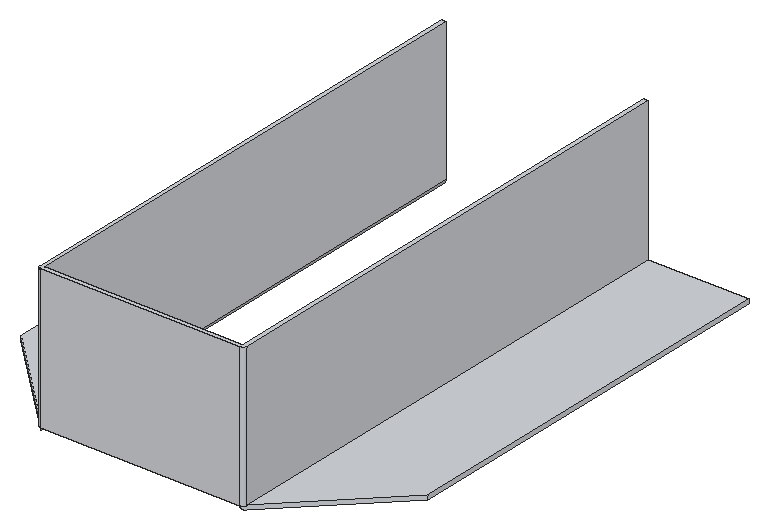
Revit family "JOMA_Balksko Special_50 ̸ 70", category Structural Connections, host Face, Revit 2012
Parameters (values of type "50/70")
  Y = 70 mm
  Typ 50 ̸ 70 = yes
  Typ = "TYP 50/70"
  Spikmönster [instance] = no
  Spik/skruv i sekundär [instance] = "ANKARSPIK 4,0x40"
  Spik/skruv i primär [instance] = "ANKARSPIK 4,0x60"
  Material = Varmförzinkad stålplåt
  Länk Joma Dimensioneringsverktyg = "http://www.joma.se/dimensioneringsverktyg"
  H500 = H500 : H500
  H480 = H480 : H480
  H460 = H460 : H460
  H440 = H440 : H440
  H420 = H420 : H420
  H400 = H400 : H400
  H380 = H380 : H380
  H360 = H360 : H360
  H340 = H340 : H340
  H320 = H320 : H320
  H300 = H300 : H300
  H280 = H280 : H280
  H260 = H260 : H260
  H240 = H240 : H240
  H220 = H220 : H220
  H200 = H200 : H200
  H180 = H180 : H180
  H160 = H160 : H160
  H140 = H140 : H140
  H120 = H120 : H120
  H [instance] = H240 : H240
  Default Elevation = 1219.2 mm
  X = 50 mm
  B [instance] = 95 mm
  Antal spik/skruv i sekundär [instance] = if(and(Typ 50 ̸ 70, Spikmönster, H = H500), 74, if(and(Typ 50 ̸ 70, Spikmönster, H = H480), 70, if(and(Typ 50 ̸ 70, Spikmönster, H = H460), 66, if(and(Typ 50 ̸ 70, Spikmönster, H = H440), 64, if(and(Typ 50 ̸ 70, Spikmönster, H = H420), 60, if(and(Typ 50 ̸ 70, Spikmönster, H = H400), 56, if(and(Typ 50 ̸ 70, Spikmönster, H = H380), 50, if(and(Typ 50 ̸ 70, Spikmönster, H = H360), 48, if(and(Typ 50 ̸ 70, Spikmönster, H = H340), 44, if(and(Typ 50 ̸ 70, Spikmönster, H = H320), 40, if(and(Typ 50 ̸ 70, Spikmönster, H = H300), 36, if(and(Typ 50 ̸ 70, Spikmönster, H = H280), 34, if(and(Typ 50 ̸ 70, Spikmönster, H = H260), 30, if(and(Typ 50 ̸ 70, Spikmönster, H = H240), 26, if(and(Typ 50 ̸ 70, Spikmönster, H = H220), 22, if(and(Typ 50 ̸ 70, Spikmönster, H = H200), 20, if(and(Typ 50 ̸ 70, Spikmönster, H = H180), 16, if(and(Typ 50 ̸ 70, Spikmönster, H = H160), 12, if(and(Typ 50 ̸ 70, Spikmönster, H = H140), 10, if(and(Typ 50 ̸ 70, Spikmönster, H = H120), 6, 0))))))))))))))))))))  # 0
  Antal spik/skruv i primär [instance] = if(and(Typ 50 ̸ 70, Spikmönster, H = H500), 90, if(and(Typ 50 ̸ 70, Spikmönster, H = H480), 86, if(and(Typ 50 ̸ 70, Spikmönster, H = H460), 82, if(and(Typ 50 ̸ 70, Spikmönster, H = H440), 78, if(and(Typ 50 ̸ 70, Spikmönster, H = H420), 74, if(and(Typ 50 ̸ 70, Spikmönster, H = H400), 70, if(and(Typ 50 ̸ 70, Spikmönster, H = H380), 66, if(and(Typ 50 ̸ 70, Spikmönster, H = H360), 62, if(and(Typ 50 ̸ 70, Spikmönster, H = H340), 58, if(and(Typ 50 ̸ 70, Spikmönster, H = H320), 54, if(and(Typ 50 ̸ 70, Spikmönster, H = H300), 50, if(and(Typ 50 ̸ 70, Spikmönster, H = H280), 46, if(and(Typ 50 ̸ 70, Spikmönster, H = H260), 42, if(and(Typ 50 ̸ 70, Spikmönster, H = H240), 38, if(and(Typ 50 ̸ 70, Spikmönster, H = H220), 34, if(and(Typ 50 ̸ 70, Spikmönster, H = H200), 30, if(and(Typ 50 ̸ 70, Spikmönster, H = H180), 26, if(and(Typ 50 ̸ 70, Spikmönster, H = H160), 22, if(and(Typ 50 ̸ 70, Spikmönster, H = H140), 18, if(and(Typ 50 ̸ 70, Spikmönster, H = H120), 14, 0))))))))))))))))))))  # 0
Reference planes
  plane 1 "Center (Front/Back)": y = 0
  plane 2: z = 0
  plane 3 "Center (Left/Right)": x = 0
  plane 4: x = -47.5
  plane 5: x = 47.5
  plane 6: x = -49.5
  plane 7: x = 49.5
  plane 8: y = 180
  plane 9: z = 2
  plane 10: y = -2
  plane 11: y = 48
  plane 12: x = 97.5
  plane 13: x = -97.5
  plane 14: z = 70
Dimensions and locks
  equal spacing: plane 4, plane 3 "Center (Left/Right)", plane 5
  "B": plane 4 to plane 5
  plane 6 to plane 4 = 2 mm
  plane 5 to plane 7 = 2 mm
  plane 9 to host face = 2 mm
  "X": plane 10 to plane 11
  "X": plane 5 to plane 12
  "X": plane 13 to plane 4
  "Y": plane 14 to host face
  locked: plane 10 to plane 1 "Center (Front/Back)" at 2
  plane 1 "Center (Front/Back)" to plane 8 = 180 mm
  nested 1 to plane 1 "Center (Front/Back)" = 240 mm
  aligned and locked: plane 2 to host face
  aligned and locked: level to host face
  aligned and locked: plane 10 to nested 1
  aligned and locked: plane 3 "Center (Left/Right)" to nested 1
Automatic sketch dimensions
  host sketch curve to host sketch curve = 2438.4 mm  (x2)
Nested families
  nested 1: "H240" at (0, 0, 0), type <- "H", B <- "B", Spikmönster <- "Spikmönster", type "H240"
    with Typ 50⁄70 Spikmönster no, Spikmönster no, H 240 mm, B 95 mm
Definition of nested family "H240"
  Parameters (values of type "H240")
    Y = 70 mm
    Typ 50⁄70 Spikmönster [instance] = and(Typ 50⁄70, Spikmönster)  # no
    Typ 50⁄70 = yes
    Spikmönster [instance] = no
    Länk Joma Dimensioneringsverktyg = "http://www.joma.se/dimensioneringsverktyg"
    H [instance] = 240 mm
    Default Elevation = 1219.2 mm
    X = 50 mm
    B [instance] = 120 mm
  Reference planes
    plane 1 "Center (Front/Back)": y = 0
    plane 2: z = 0
    plane 3 "Center (Left/Right)": x = 0
    plane 4: x = -60
    plane 5: x = 60
    plane 6: x = -62
    plane 7: x = 62
    plane 8: y = 240
    plane 9: z = 2
    plane 10: y = -2
    plane 11: y = 48
    plane 12: x = 110
    plane 13: x = -110
    plane 14: z = 70
  Forms (mm)
    Extrusion 1, solid
      sketch origin (0, 0, 0) x (1, 0, 0) y (0, 1, 0)
        loop
          line (-1219.2, 1219.2) -> (-1219.2, -1219.2) -> (1219.2, -1219.2) -> (1219.2, 1219.2) -> (-1219.2, 1219.2)
      from 0 to -304.8
    Extrusion 2, solid
      sketch origin (0, 0, 0) x (1, 0, 0) y (0, 1, 0)
        loop
          line (-60, 240) -> (-62, 240) -> (-62, 0)
          arc (-62, 0) -> (-61.414, -1.414) -> (-60, -2) r 2
          line (-60, -2) -> (60.004, -2)
          arc (60.004, -2) -> (61.415, -1.415) -> (62, -0.004) r 1.996
          line (62, -0.004) -> (62, 240) -> (60, 240) -> (60, 0) -> (-60, 0) -> (-60, 240)
      from 2 to 70
    Extrusion 3, solid
      sketch origin (0, 0, 0) x (1, 0, 0) y (0, 1, 0)
        loop
          line (60, 240) -> (60, -2) -> (110, -2) -> (110, 240) -> (60, 240)
      from 0 to 2
    Extrusion 4, void
      sketch origin (0, 0, 0) x (1, 0, 0) y (0, 1, 0)
        loop
          line (60, -2) -> (110, -2) -> (110, 48) -> (60, -2)
      from 0 to 2
    Extrusion 5, solid
      sketch origin (0, 0, 0) x (-1, 0, 0) y (0, -1, 0)
        loop
          line (60, -240) -> (110, -240) -> (110, 2) -> (60, 2) -> (60, -240)
      from 0 to 2
    Extrusion 6, void
      sketch origin (0, 0, 0) x (1, 0, 0) y (0, 1, 0)
        loop
          line (-60, -2) -> (-110, 48) -> (-110, -2) -> (-60, -2)
      from 0 to 250
    Extrusion 7, void
      sketch origin (0, 0, 0) x (1, 0, 0) y (0, 0, 1)
        loop
          arc (62, 0) -> (60.586, 0.586) -> (60, 2) r 2
          line (60, 2) -> (60, 0) -> (62, 0)
      from -240 to 2
    Extrusion 8, void
      sketch origin (0, 0, 0) x (1, 0, 0) y (0, 0, 1)
        loop
          arc (-60, 2) -> (-60.586, 0.586) -> (-62, 0) r 2
          line (-62, 0) -> (-60, 0) -> (-60, 2)
      from -240 to 2
  Cuts and joins
    Extrusion 4, Extrusion 7 cuts Extrusion 3
    Extrusion 6, Extrusion 8 cuts Extrusion 5
    joined: Extrusion 2, Extrusion 3, Extrusion 5
  Lines and regions (mm)
    symbolic lines, visible <- "Typ 50⁄70"
      curve 1: circle (-80, 230, 0) r 2.5 normal (0, 0, 1)
      curve 2: circle (-80, 210, 0) r 2.5 normal (0, 0, 1)
      curve 3: circle (-80, 190, 0) r 2.5 normal (0, 0, 1)
      curve 4: circle (-80, 170, 0) r 2.5 normal (0, 0, 1)
      curve 5: circle (-100, 220, 0) r 2.5 normal (0, 0, 1)
      curve 6: circle (-100, 200, 0) r 2.5 normal (0, 0, 1)
      curve 7: circle (-100, 180, 0) r 2.5 normal (0, 0, 1)
      curve 15: circle (-80, 150, 0) r 2.5 normal (0, 0, 1)
      curve 16: circle (-100, 160, 0) r 2.5 normal (0, 0, 1)
      curve 17: circle (-80, 130, 0) r 2.5 normal (0, 0, 1)
      curve 18: circle (-100, 140, 0) r 2.5 normal (0, 0, 1)
      curve 19: circle (-80, 110, 0) r 2.5 normal (0, 0, 1)
      curve 20: circle (-100, 120, 0) r 2.5 normal (0, 0, 1)
      curve 21: circle (-80, 90, 0) r 2.5 normal (0, 0, 1)
      curve 22: circle (-100, 100, 0) r 2.5 normal (0, 0, 1)
      curve 23: circle (-80, 70, 0) r 2.5 normal (0, 0, 1)
      curve 24: circle (-100, 80, 0) r 2.5 normal (0, 0, 1)
      curve 25: circle (-80, 50, 0) r 2.5 normal (0, 0, 1)
      curve 26: circle (-100, 60, 0) r 2.5 normal (0, 0, 1)
      curve 27: circle (-80, 30, 0) r 2.5 normal (0, 0, 1)
      curve 41: circle (80, 230, 0) r 2.5 normal (0, 0, -1)
      curve 42: circle (80, 210, 0) r 2.5 normal (0, 0, -1)
      curve 43: circle (80, 190, 0) r 2.5 normal (0, 0, -1)
      curve 44: circle (80, 170, 0) r 2.5 normal (0, 0, -1)
      curve 45: circle (100, 220, 0) r 2.5 normal (0, 0, -1)
      curve 46: circle (100, 200, 0) r 2.5 normal (0, 0, -1)
      curve 47: circle (100, 180, 0) r 2.5 normal (0, 0, -1)
      curve 48: circle (80, 150, 0) r 2.5 normal (0, 0, -1)
      curve 49: circle (100, 160, 0) r 2.5 normal (0, 0, -1)
      curve 50: circle (80, 130, 0) r 2.5 normal (0, 0, -1)
      curve 51: circle (100, 140, 0) r 2.5 normal (0, 0, -1)
      curve 52: circle (80, 110, 0) r 2.5 normal (0, 0, -1)
      curve 53: circle (100, 120, 0) r 2.5 normal (0, 0, -1)
      curve 54: circle (80, 90, 0) r 2.5 normal (0, 0, -1)
      curve 55: circle (100, 100, 0) r 2.5 normal (0, 0, -1)
      curve 56: circle (80, 70, 0) r 2.5 normal (0, 0, -1)
      curve 57: circle (100, 80, 0) r 2.5 normal (0, 0, -1)
      curve 58: circle (80, 50, 0) r 2.5 normal (0, 0, -1)
      curve 59: circle (100, 60, 0) r 2.5 normal (0, 0, -1)
      curve 60: circle (80, 30, 0) r 2.5 normal (0, 0, -1)
    symbolic lines, visible <- "Typ 50⁄70", not visible
      curve 8: circle (-80, 110, 0) r 2.5 normal (0, 0, 1)
      curve 9: circle (-80, 90, 0) r 2.5 normal (0, 0, 1)
      curve 10: circle (-80, 70, 0) r 2.5 normal (0, 0, 1)
      curve 11: circle (-80, 50, 0) r 2.5 normal (0, 0, 1)
      curve 12: circle (-100, 100, 0) r 2.5 normal (0, 0, 1)
      curve 13: circle (-100, 80, 0) r 2.5 normal (0, 0, 1)
      curve 14: circle (-100, 60, 0) r 2.5 normal (0, 0, 1)
      curve 28: circle (-80, 30, 0) r 2.5 normal (0, 0, 1)
      curve 29: circle (-100, 40, 0) r 2.5 normal (0, 0, 1)
      curve 30: circle (-80, 10, 0) r 2.5 normal (0, 0, 1)
      curve 31: circle (-100, 20, 0) r 2.5 normal (0, 0, 1)
      curve 32: circle (-80, -10, 0) r 2.5 normal (0, 0, 1)
      curve 33: circle (-100, 0, 0) r 2.5 normal (0, 0, 1)
      curve 34: circle (-80, -30, 0) r 2.5 normal (0, 0, 1)
      curve 35: circle (-100, -20, 0) r 2.5 normal (0, 0, 1)
      curve 36: circle (-80, -50, 0) r 2.5 normal (0, 0, 1)
      curve 37: circle (-100, -40, 0) r 2.5 normal (0, 0, 1)
      curve 38: circle (-80, -70, 0) r 2.5 normal (0, 0, 1)
      curve 39: circle (-100, -60, 0) r 2.5 normal (0, 0, 1)
      curve 40: circle (-80, -90, 0) r 2.5 normal (0, 0, 1)
      curve 61: circle (80, 490, 0) r 2.5 normal (0, 0, -1)
      curve 62: circle (80, 470, 0) r 2.5 normal (0, 0, -1)
      curve 63: circle (80, 450, 0) r 2.5 normal (0, 0, -1)
      curve 64: circle (80, 430, 0) r 2.5 normal (0, 0, -1)
      curve 65: circle (100, 480, 0) r 2.5 normal (0, 0, -1)
      curve 66: circle (100, 460, 0) r 2.5 normal (0, 0, -1)
      curve 67: circle (100, 440, 0) r 2.5 normal (0, 0, -1)
      curve 68: circle (80, 410, 0) r 2.5 normal (0, 0, -1)
      curve 69: circle (100, 420, 0) r 2.5 normal (0, 0, -1)
      curve 70: circle (80, 390, 0) r 2.5 normal (0, 0, -1)
      curve 71: circle (100, 400, 0) r 2.5 normal (0, 0, -1)
      curve 72: circle (80, 370, 0) r 2.5 normal (0, 0, -1)
      curve 73: circle (100, 380, 0) r 2.5 normal (0, 0, -1)
      curve 74: circle (80, 350, 0) r 2.5 normal (0, 0, -1)
      curve 75: circle (100, 360, 0) r 2.5 normal (0, 0, -1)
      curve 76: circle (80, 330, 0) r 2.5 normal (0, 0, -1)
      curve 77: circle (100, 340, 0) r 2.5 normal (0, 0, -1)
      curve 78: circle (80, 310, 0) r 2.5 normal (0, 0, -1)
      curve 79: circle (100, 320, 0) r 2.5 normal (0, 0, -1)
      curve 80: circle (80, 290, 0) r 2.5 normal (0, 0, -1)
    symbolic lines, style "StructConnections", visible <- "Typ 50⁄70"
      curve 81: circle (0, 230, 60) r 2.5 normal (1, 0, 0)
      curve 82: circle (0, 220, 40) r 2.5 normal (1, 0, 0)
      curve 83: circle (0, 210, 60) r 2.5 normal (1, 0, 0)
      curve 84: circle (0, 200, 40) r 2.5 normal (1, 0, 0)
      curve 85: circle (0, 190, 60) r 2.5 normal (1, 0, 0)
      curve 86: circle (0, 180, 40) r 2.5 normal (1, 0, 0)
      curve 87: circle (0, 170, 60) r 2.5 normal (1, 0, 0)
      curve 88: circle (0, 160, 40) r 2.5 normal (1, 0, 0)
      curve 89: circle (0, 150, 60) r 2.5 normal (1, 0, 0)
      curve 90: circle (0, 140, 40) r 2.5 normal (1, 0, 0)
      curve 91: circle (0, 130, 60) r 2.5 normal (1, 0, 0)
      curve 92: circle (0, 120, 40) r 2.5 normal (1, 0, 0)
      curve 93: circle (0, 110, 60) r 2.5 normal (1, 0, 0)
      curve 94: circle (0, 100, 40) r 2.5 normal (1, 0, 0)
      curve 95: circle (0, 90, 60) r 2.5 normal (1, 0, 0)
      curve 96: circle (0, 80, 40) r 2.5 normal (1, 0, 0)
      curve 97: circle (0, 70, 60) r 2.5 normal (1, 0, 0)
      curve 98: circle (0, 60, 40) r 2.5 normal (1, 0, 0)
      curve 99: circle (0, 50, 60) r 2.5 normal (1, 0, 0)
      curve 100: circle (0, 40, 40) r 2.5 normal (1, 0, 0)
      curve 101: circle (0, 30, 60) r 2.5 normal (1, 0, 0)
      curve 102: circle (0, 20, 40) r 2.5 normal (1, 0, 0)
      curve 103: circle (0, 10, 60) r 2.5 normal (1, 0, 0)
    symbolic lines, style "StructConnections", visible <- "Typ 50⁄70", not visible
      curve 104: circle (0, 490, 60) r 2.5 normal (1, 0, 0)
      curve 105: circle (0, 480, 40) r 2.5 normal (1, 0, 0)
      curve 106: circle (0, 470, 60) r 2.5 normal (1, 0, 0)
      curve 107: circle (0, 460, 40) r 2.5 normal (1, 0, 0)
      curve 108: circle (0, 450, 60) r 2.5 normal (1, 0, 0)
      curve 109: circle (0, 440, 40) r 2.5 normal (1, 0, 0)
      curve 110: circle (0, 430, 60) r 2.5 normal (1, 0, 0)
      curve 111: circle (0, 420, 40) r 2.5 normal (1, 0, 0)
      curve 112: circle (0, 410, 60) r 2.5 normal (1, 0, 0)
      curve 113: circle (0, 400, 40) r 2.5 normal (1, 0, 0)
      curve 114: circle (0, 390, 60) r 2.5 normal (1, 0, 0)
      curve 115: circle (0, 380, 40) r 2.5 normal (1, 0, 0)
      curve 116: circle (0, 370, 60) r 2.5 normal (1, 0, 0)
      curve 117: circle (0, 360, 40) r 2.5 normal (1, 0, 0)
      curve 118: circle (0, 350, 60) r 2.5 normal (1, 0, 0)
      curve 119: circle (0, 340, 40) r 2.5 normal (1, 0, 0)
      curve 120: circle (0, 330, 60) r 2.5 normal (1, 0, 0)
      curve 121: circle (0, 320, 40) r 2.5 normal (1, 0, 0)
      curve 122: circle (0, 310, 60) r 2.5 normal (1, 0, 0)
      curve 123: circle (0, 300, 40) r 2.5 normal (1, 0, 0)
      curve 124: circle (0, 290, 60) r 2.5 normal (1, 0, 0)
      curve 125: circle (0, 280, 40) r 2.5 normal (1, 0, 0)
      curve 126: circle (0, 270, 60) r 2.5 normal (1, 0, 0)
  Dimensions and locks
    equal spacing: plane 4, plane 3 "Center (Left/Right)", plane 5
    "B": plane 4 to plane 5
    plane 6 to plane 4 = 2 mm
    plane 5 to plane 7 = 2 mm
    plane 9 to Extrusion 1 = 2 mm
    "X": plane 10 to plane 11
    "X": plane 5 to plane 12
    "X": plane 13 to plane 4
    "Y": plane 14 to Extrusion 1
    locked: plane 10 to plane 1 "Center (Front/Back)" at 2
    "H": plane 1 "Center (Front/Back)" to plane 8
    locked: plane 13 to curve 5 at 10
    locked: plane 8 to curve 1 at 10
    locked: plane 8 to curve 41 at 10
    locked: curve 45 to plane 12 at 10
    locked: plane 14 to curve 81 at 10
    locked: plane 8 to curve 81 at 10
    aligned and locked: plane 2 to Extrusion 1
    aligned and locked: level to Extrusion 1
    aligned and locked: Extrusion 2 to plane 6
    aligned and locked: plane 8 to Extrusion 2  (x2)
    aligned and locked: plane 7 to Extrusion 2
    aligned and locked: Extrusion 2 to plane 5
    aligned and locked: Extrusion 2 to plane 1 "Center (Front/Back)"
    aligned and locked: plane 4 to Extrusion 2
    aligned and locked: Extrusion 7 to plane 5
    aligned and locked: Extrusion 7 to level
    aligned and locked: plane 8 to Extrusion 7
    aligned and locked: plane 10 to Extrusion 7
    aligned and locked: Extrusion 5 to Extrusion 6
    aligned and locked: plane 8 to Extrusion 5
    aligned and locked: plane 4 to Extrusion 5
    aligned and locked: plane 10 to Extrusion 5
    aligned and locked: plane 13 to Extrusion 6
    aligned and locked: plane 10 to Extrusion 6
    aligned and locked: plane 4 to Extrusion 8
    aligned and locked: Extrusion 8 to level
    aligned and locked: Extrusion 7 to plane 2
    aligned and locked: plane 8 to Extrusion 8
    aligned and locked: plane 10 to Extrusion 8
    aligned and locked: plane 14 to Extrusion 2
  Automatic sketch dimensions
    Extrusion 1 sketch curve to Extrusion 1 sketch curve = 2438.4 mm  (x2)
    curve 6 to curve 5 = 0 mm
    curve 7 to curve 6 = 0 mm
    curve 16 to curve 7 = 0 mm
    curve 18 to curve 16 = 0 mm
    curve 20 to curve 18 = 0 mm
    curve 22 to curve 20 = 0 mm
    curve 24 to curve 22 = 0 mm
    curve 26 to curve 24 = 0 mm
    curve 25 to curve 27 = 0 mm
    curve 23 to curve 25 = 0 mm
    curve 21 to curve 23 = 0 mm
    curve 19 to curve 21 = 0 mm
    curve 17 to curve 19 = 0 mm
    curve 15 to curve 17 = 0 mm
    curve 4 to curve 15 = 0 mm
    curve 3 to curve 4 = 0 mm
    curve 2 to curve 3 = 0 mm
    curve 1 to curve 2 = 0 mm
    curve 27 to curve 25 = 20 mm
    curve 25 to curve 23 = 20 mm
    curve 26 to curve 24 = 20 mm
    curve 23 to curve 21 = 20 mm
    curve 24 to curve 22 = 20 mm
    curve 21 to curve 19 = 20 mm
    curve 22 to curve 20 = 20 mm
    curve 19 to curve 17 = 20 mm
    curve 20 to curve 18 = 20 mm
    curve 17 to curve 15 = 20 mm
    curve 18 to curve 16 = 20 mm
    curve 15 to curve 4 = 20 mm
    curve 16 to curve 7 = 20 mm
    curve 4 to curve 3 = 20 mm
    curve 7 to curve 6 = 20 mm
    curve 3 to curve 2 = 20 mm
    curve 6 to curve 5 = 20 mm
    curve 2 to curve 1 = 20 mm
    curve 13 to curve 12 = 0 mm
    curve 14 to curve 13 = 0 mm
    curve 29 to curve 14 = 0 mm
    curve 31 to curve 29 = 0 mm
    curve 33 to curve 31 = 0 mm
    curve 35 to curve 33 = 0 mm
    curve 37 to curve 35 = 0 mm
    curve 39 to curve 37 = 0 mm
    curve 38 to curve 40 = 0 mm
    curve 36 to curve 38 = 0 mm
    curve 34 to curve 36 = 0 mm
    curve 32 to curve 34 = 0 mm
    curve 30 to curve 32 = 0 mm
    curve 28 to curve 30 = 0 mm
    curve 11 to curve 28 = 0 mm
    curve 10 to curve 11 = 0 mm
    curve 9 to curve 10 = 0 mm
    curve 8 to curve 9 = 0 mm
    curve 40 to curve 38 = 20 mm
    curve 38 to curve 36 = 20 mm
    curve 39 to curve 37 = 20 mm
    curve 36 to curve 34 = 20 mm
    curve 37 to curve 35 = 20 mm
    curve 34 to curve 32 = 20 mm
    curve 35 to curve 33 = 20 mm
    curve 32 to curve 30 = 20 mm
    curve 33 to curve 31 = 20 mm
    curve 30 to curve 28 = 20 mm
    curve 31 to curve 29 = 20 mm
    curve 28 to curve 11 = 20 mm
    curve 29 to curve 14 = 20 mm
    curve 11 to curve 10 = 20 mm
    curve 14 to curve 13 = 20 mm
    curve 10 to curve 9 = 20 mm
    curve 13 to curve 12 = 20 mm
    curve 9 to curve 8 = 20 mm
    curve 46 to curve 45 = 20 mm  (x3)
    curve 47 to curve 46 = 20 mm  (x3)
    curve 49 to curve 47 = 20 mm  (x3)
    curve 51 to curve 49 = 20 mm  (x3)
    curve 53 to curve 51 = 20 mm  (x3)
    curve 55 to curve 53 = 20 mm  (x3)
    curve 57 to curve 55 = 20 mm  (x3)
    curve 59 to curve 57 = 20 mm  (x3)
    curve 58 to curve 60 = 20 mm
    curve 56 to curve 58 = 20 mm
    curve 54 to curve 56 = 20 mm
    curve 52 to curve 54 = 20 mm
    curve 50 to curve 52 = 20 mm
    curve 48 to curve 50 = 20 mm
    curve 44 to curve 48 = 20 mm
    curve 43 to curve 44 = 20 mm
    curve 42 to curve 43 = 20 mm
    curve 41 to curve 42 = 20 mm
    curve 60 to curve 58 = 20 mm  (x2)
    curve 58 to curve 56 = 20 mm  (x2)
    curve 56 to curve 54 = 20 mm  (x2)
    curve 54 to curve 52 = 20 mm  (x2)
    curve 52 to curve 50 = 20 mm  (x2)
    curve 50 to curve 48 = 20 mm  (x2)
    curve 48 to curve 44 = 20 mm  (x2)
    curve 44 to curve 43 = 20 mm  (x2)
    curve 43 to curve 42 = 20 mm  (x2)
    curve 42 to curve 41 = 20 mm  (x2)
    curve 66 to curve 65 = 20 mm  (x3)
    curve 67 to curve 66 = 20 mm  (x3)
    curve 69 to curve 67 = 20 mm  (x3)
    curve 71 to curve 69 = 20 mm  (x3)
    curve 73 to curve 71 = 20 mm  (x3)
    curve 75 to curve 73 = 20 mm  (x3)
    curve 77 to curve 75 = 20 mm  (x3)
    curve 79 to curve 77 = 20 mm  (x3)
    curve 78 to curve 80 = 20 mm
    curve 76 to curve 78 = 20 mm
    curve 74 to curve 76 = 20 mm
    curve 72 to curve 74 = 20 mm
    curve 70 to curve 72 = 20 mm
    curve 68 to curve 70 = 20 mm
    curve 64 to curve 68 = 20 mm
    curve 63 to curve 64 = 20 mm
    curve 62 to curve 63 = 20 mm
    curve 61 to curve 62 = 20 mm
    curve 80 to curve 78 = 20 mm  (x2)
    curve 78 to curve 76 = 20 mm  (x2)
    curve 76 to curve 74 = 20 mm  (x2)
    curve 74 to curve 72 = 20 mm  (x2)
    curve 72 to curve 70 = 20 mm  (x2)
    curve 70 to curve 68 = 20 mm  (x2)
    curve 68 to curve 64 = 20 mm  (x2)
    curve 64 to curve 63 = 20 mm  (x2)
    curve 63 to curve 62 = 20 mm  (x2)
    curve 62 to curve 61 = 20 mm  (x2)
    plane 1 "Center (Front/Back)" to Extrusion 2 sketch curve = 0 mm  (x2)
    Extrusion 2 sketch curve to plane 6 = 0 mm
    Extrusion 2 sketch curve to plane 4 = 0 mm  (x2)
    Extrusion 2 sketch curve to plane 5 = 0 mm
    Extrusion 2 sketch curve to plane 7 = 0 mm
    Extrusion 2 sketch curve to plane 8 = 0 mm  (x2)
    plane 5 to Extrusion 2 sketch curve = 0.004 mm
    Extrusion 3 sketch curve to plane 5 = 0 mm
    plane 10 to Extrusion 3 sketch curve = 0 mm
    Extrusion 3 sketch curve to plane 12 = 0 mm
    Extrusion 3 sketch curve to plane 8 = 0 mm
    Extrusion 4 sketch curve to plane 5 = 0 mm
    plane 10 to Extrusion 4 sketch curve = 0 mm
    Extrusion 4 sketch curve to plane 12 = 0 mm
    plane 11 to Extrusion 4 sketch curve = 0 mm
    Extrusion 5 sketch curve to plane 4 = 0 mm
    plane 10 to Extrusion 5 sketch curve = 0 mm
    Extrusion 5 sketch curve to plane 13 = 0 mm
    Extrusion 5 sketch curve to plane 8 = 0 mm
    Extrusion 7 sketch curve to level = 0 mm
    Extrusion 7 sketch curve to plane 5 = 0 mm
    Extrusion 7 sketch curve to plane 7 = 0 mm
    Extrusion 8 sketch curve to plane 6 = 0 mm
    Extrusion 8 sketch curve to level = 0 mm
    Extrusion 8 sketch curve to plane 4 = 0 mm
    curve 42 to curve 41 = 0 mm
    curve 43 to curve 42 = 0 mm
    curve 44 to curve 43 = 0 mm
    curve 48 to curve 44 = 0 mm
    curve 50 to curve 48 = 0 mm
    curve 52 to curve 50 = 0 mm
    curve 54 to curve 52 = 0 mm
    curve 56 to curve 54 = 0 mm
    curve 58 to curve 56 = 0 mm
    curve 60 to curve 58 = 0 mm
    curve 57 to curve 59 = 0 mm
    curve 55 to curve 57 = 0 mm
    curve 53 to curve 55 = 0 mm
    curve 51 to curve 53 = 0 mm
    curve 49 to curve 51 = 0 mm
    curve 47 to curve 49 = 0 mm
    curve 46 to curve 47 = 0 mm
    curve 45 to curve 46 = 0 mm
    curve 62 to curve 61 = 0 mm
    curve 63 to curve 62 = 0 mm
    curve 64 to curve 63 = 0 mm
    curve 68 to curve 64 = 0 mm
    curve 70 to curve 68 = 0 mm
    curve 72 to curve 70 = 0 mm
    curve 74 to curve 72 = 0 mm
    curve 76 to curve 74 = 0 mm
    curve 78 to curve 76 = 0 mm
    curve 80 to curve 78 = 0 mm
    curve 77 to curve 79 = 0 mm
    curve 75 to curve 77 = 0 mm
    curve 73 to curve 75 = 0 mm
    curve 71 to curve 73 = 0 mm
    curve 69 to curve 71 = 0 mm
    curve 67 to curve 69 = 0 mm
    curve 66 to curve 67 = 0 mm
    curve 65 to curve 66 = 0 mm
    curve 20 to curve 17 = 20 mm
    curve 33 to curve 30 = 20 mm
    curve 26 to curve 23 = 10 mm
    curve 39 to curve 36 = 10 mm
    curve 44 to curve 49 = 20 mm
    curve 59 to curve 56 = 10 mm
    curve 64 to curve 69 = 20 mm
    curve 79 to curve 76 = 10 mm
    plane 11 to Extrusion 6 sketch curve = 0 mm
    Extrusion 6 sketch curve to plane 13 = 0 mm
    Extrusion 6 sketch curve to plane 4 = 0 mm
    plane 10 to Extrusion 6 sketch curve = 0 mm
    curve 83 to curve 81 = 20 mm
    curve 83 to curve 81 = 0 mm
    curve 85 to curve 83 = 20 mm
    curve 85 to curve 83 = 0 mm
    curve 87 to curve 85 = 20 mm
    curve 87 to curve 85 = 0 mm
    curve 89 to curve 87 = 20 mm
    curve 89 to curve 87 = 0 mm
    curve 91 to curve 89 = 20 mm
    curve 91 to curve 89 = 0 mm
    curve 93 to curve 91 = 20 mm
    curve 93 to curve 91 = 0 mm
    curve 95 to curve 93 = 20 mm
    curve 95 to curve 93 = 0 mm
    curve 97 to curve 95 = 20 mm
    curve 97 to curve 95 = 0 mm
    curve 99 to curve 97 = 20 mm
    curve 99 to curve 97 = 0 mm
    curve 101 to curve 99 = 20 mm
    curve 101 to curve 99 = 0 mm
    curve 103 to curve 101 = 20 mm
    curve 103 to curve 101 = 0 mm
    curve 103 to curve 102 = 10 mm
    curve 102 to curve 83 = 20 mm
    curve 102 to curve 100 = 20 mm
    curve 102 to curve 100 = 0 mm
    curve 100 to curve 98 = 20 mm
    curve 100 to curve 98 = 0 mm
    curve 98 to curve 96 = 20 mm
    curve 100 to curve 96 = 0 mm
    curve 96 to curve 94 = 20 mm
    curve 96 to curve 94 = 0 mm
    curve 94 to curve 92 = 20 mm
    curve 94 to curve 92 = 0 mm
    curve 92 to curve 90 = 20 mm
    curve 92 to curve 90 = 0 mm
    curve 90 to curve 88 = 20 mm
    curve 90 to curve 88 = 0 mm
    curve 88 to curve 86 = 20 mm
    curve 88 to curve 86 = 0 mm
    curve 86 to curve 84 = 20 mm
    curve 86 to curve 84 = 0 mm
    curve 84 to curve 82 = 20 mm
    curve 84 to curve 82 = 0 mm
    curve 106 to curve 104 = 20 mm
    curve 106 to curve 104 = 0 mm
    curve 108 to curve 106 = 20 mm
    curve 108 to curve 106 = 0 mm
    curve 110 to curve 108 = 20 mm
    curve 110 to curve 108 = 0 mm
    curve 112 to curve 110 = 20 mm
    curve 112 to curve 110 = 0 mm
    curve 114 to curve 112 = 20 mm
    curve 114 to curve 112 = 0 mm
    curve 116 to curve 114 = 20 mm
    curve 116 to curve 114 = 0 mm
    curve 118 to curve 116 = 20 mm
    curve 118 to curve 116 = 0 mm
    curve 120 to curve 118 = 20 mm
    curve 120 to curve 118 = 0 mm
    curve 122 to curve 120 = 20 mm
    curve 122 to curve 120 = 0 mm
    curve 124 to curve 122 = 20 mm
    curve 124 to curve 122 = 0 mm
    curve 126 to curve 124 = 20 mm
    curve 126 to curve 124 = 0 mm
    curve 126 to curve 125 = 10 mm
    curve 125 to curve 106 = 20 mm
    curve 125 to curve 123 = 20 mm
    curve 125 to curve 123 = 0 mm
    curve 123 to curve 121 = 20 mm
    curve 123 to curve 121 = 0 mm
    curve 121 to curve 119 = 20 mm
    curve 123 to curve 119 = 0 mm
    curve 119 to curve 117 = 20 mm
    curve 119 to curve 117 = 0 mm
    curve 117 to curve 115 = 20 mm
    curve 117 to curve 115 = 0 mm
    curve 115 to curve 113 = 20 mm
    curve 115 to curve 113 = 0 mm
    curve 113 to curve 111 = 20 mm
    curve 113 to curve 111 = 0 mm
    curve 111 to curve 109 = 20 mm
    curve 111 to curve 109 = 0 mm
    curve 109 to curve 107 = 20 mm
    curve 109 to curve 107 = 0 mm
    curve 107 to curve 105 = 20 mm
    curve 107 to curve 105 = 0 mm
    radius of curve 1 = 2.5 mm
    radius of curve 2 = 2.5 mm
    radius of curve 3 = 2.5 mm
    radius of curve 4 = 2.5 mm
    radius of curve 5 = 2.5 mm
    radius of curve 6 = 2.5 mm
    radius of curve 7 = 2.5 mm
    radius of curve 15 = 2.5 mm
    radius of curve 16 = 2.5 mm
    radius of curve 17 = 2.5 mm
    radius of curve 18 = 2.5 mm
    radius of curve 19 = 2.5 mm
    radius of curve 20 = 2.5 mm
    radius of curve 21 = 2.5 mm
    radius of curve 22 = 2.5 mm
    radius of curve 23 = 2.5 mm
    radius of curve 24 = 2.5 mm
    radius of curve 25 = 2.5 mm
    radius of curve 26 = 2.5 mm
    radius of curve 27 = 2.5 mm
    radius of curve 8 = 2.5 mm
    radius of curve 9 = 2.5 mm
    radius of curve 10 = 2.5 mm
    radius of curve 11 = 2.5 mm
    radius of curve 12 = 2.5 mm
    radius of curve 13 = 2.5 mm
    radius of curve 14 = 2.5 mm
    radius of curve 28 = 2.5 mm
    radius of curve 29 = 2.5 mm
    radius of curve 30 = 2.5 mm
    radius of curve 31 = 2.5 mm
    radius of curve 32 = 2.5 mm
    radius of curve 33 = 2.5 mm
    radius of curve 34 = 2.5 mm
    radius of curve 35 = 2.5 mm
    radius of curve 36 = 2.5 mm
    radius of curve 37 = 2.5 mm
    radius of curve 38 = 2.5 mm
    radius of curve 39 = 2.5 mm
    radius of curve 40 = 2.5 mm
    radius of curve 41 = 2.5 mm  (x2)
    radius of curve 42 = 2.5 mm  (x2)
    radius of curve 43 = 2.5 mm  (x2)
    radius of curve 44 = 2.5 mm  (x2)
    radius of curve 45 = 2.5 mm  (x2)
    radius of curve 46 = 2.5 mm  (x2)
    radius of curve 47 = 2.5 mm  (x2)
    radius of curve 48 = 2.5 mm  (x2)
    radius of curve 49 = 2.5 mm  (x2)
    radius of curve 50 = 2.5 mm  (x2)
    radius of curve 51 = 2.5 mm  (x2)
    radius of curve 52 = 2.5 mm  (x2)
    radius of curve 53 = 2.5 mm  (x2)
    radius of curve 54 = 2.5 mm  (x2)
    radius of curve 55 = 2.5 mm  (x2)
    radius of curve 56 = 2.5 mm  (x2)
    radius of curve 57 = 2.5 mm  (x2)
    radius of curve 58 = 2.5 mm  (x2)
    radius of curve 59 = 2.5 mm  (x2)
    radius of curve 60 = 2.5 mm  (x2)
    radius of curve 61 = 2.5 mm  (x2)
    radius of curve 62 = 2.5 mm  (x2)
    radius of curve 63 = 2.5 mm  (x2)
    radius of curve 64 = 2.5 mm  (x2)
    radius of curve 65 = 2.5 mm  (x2)
    radius of curve 66 = 2.5 mm  (x2)
    radius of curve 67 = 2.5 mm  (x2)
    radius of curve 68 = 2.5 mm  (x2)
    radius of curve 69 = 2.5 mm  (x2)
    radius of curve 70 = 2.5 mm  (x2)
    radius of curve 71 = 2.5 mm  (x2)
    radius of curve 72 = 2.5 mm  (x2)
    radius of curve 73 = 2.5 mm  (x2)
    radius of curve 74 = 2.5 mm  (x2)
    radius of curve 75 = 2.5 mm  (x2)
    radius of curve 76 = 2.5 mm  (x2)
    radius of curve 77 = 2.5 mm  (x2)
    radius of curve 78 = 2.5 mm  (x2)
    radius of curve 79 = 2.5 mm  (x2)
    radius of curve 80 = 2.5 mm  (x2)
    radius of curve 81 = 2.5 mm
    radius of curve 83 = 2.5 mm
    radius of curve 85 = 2.5 mm
    radius of curve 87 = 2.5 mm
    radius of curve 89 = 2.5 mm
    radius of curve 91 = 2.5 mm
    radius of curve 93 = 2.5 mm
    radius of curve 95 = 2.5 mm
    radius of curve 97 = 2.5 mm
    radius of curve 99 = 2.5 mm
    radius of curve 101 = 2.5 mm
    radius of curve 103 = 2.5 mm
    radius of curve 102 = 2.5 mm
    radius of curve 100 = 2.5 mm
    radius of curve 98 = 2.5 mm
    radius of curve 96 = 2.5 mm
    radius of curve 94 = 2.5 mm
    radius of curve 92 = 2.5 mm
    radius of curve 90 = 2.5 mm
    radius of curve 88 = 2.5 mm
    radius of curve 86 = 2.5 mm
    radius of curve 84 = 2.5 mm
    radius of curve 82 = 2.5 mm
    radius of curve 104 = 2.5 mm
    radius of curve 106 = 2.5 mm
    radius of curve 108 = 2.5 mm
    radius of curve 110 = 2.5 mm
    radius of curve 112 = 2.5 mm
    radius of curve 114 = 2.5 mm
    radius of curve 116 = 2.5 mm
    radius of curve 118 = 2.5 mm
    radius of curve 120 = 2.5 mm
    radius of curve 122 = 2.5 mm
    radius of curve 124 = 2.5 mm
    radius of curve 126 = 2.5 mm
    radius of curve 125 = 2.5 mm
    radius of curve 123 = 2.5 mm
    radius of curve 121 = 2.5 mm
    radius of curve 119 = 2.5 mm
    radius of curve 117 = 2.5 mm
    radius of curve 115 = 2.5 mm
    radius of curve 113 = 2.5 mm
    radius of curve 111 = 2.5 mm
    radius of curve 109 = 2.5 mm
    radius of curve 107 = 2.5 mm
    radius of curve 105 = 2.5 mm
  Nested families
    nested 1: "Spikmönster" at (-100, 220, 0), visible <- "Typ 50⁄70 Spikmönster", type "Ø5"
    nested 2: "Spikmönster" at (-80, 230, 0), visible <- "Typ 50⁄70 Spikmönster", type "Ø5"
    nested 3: "Spikmönster" at (-80, 210, 0), visible <- "Typ 50⁄70 Spikmönster", type "Ø5"
    nested 4: "Spikmönster" at (-100, 200, 0), visible <- "Typ 50⁄70 Spikmönster", type "Ø5"
    nested 5: "Spikmönster" at (-80, 190, 0), visible <- "Typ 50⁄70 Spikmönster", type "Ø5"
    nested 6: "Spikmönster" at (-80, 170, 0), visible <- "Typ 50⁄70 Spikmönster", type "Ø5"
    nested 7: "Spikmönster" at (-100, 180, 0), visible <- "Typ 50⁄70 Spikmönster", type "Ø5"
    nested 8: "Spikmönster" at (-100, 100, 0), visible <- "Typ 50⁄70 Spikmönster", type "Ø5", not visible
    nested 9: "Spikmönster" at (-80, 110, 0), visible <- "Typ 50⁄70 Spikmönster", type "Ø5", not visible
    nested 10: "Spikmönster" at (-80, 90, 0), visible <- "Typ 50⁄70 Spikmönster", type "Ø5", not visible
    nested 11: "Spikmönster" at (-100, 80, 0), visible <- "Typ 50⁄70 Spikmönster", type "Ø5", not visible
    nested 12: "Spikmönster" at (-80, 70, 0), visible <- "Typ 50⁄70 Spikmönster", type "Ø5", not visible
    nested 13: "Spikmönster" at (-80, 50, 0), visible <- "Typ 50⁄70 Spikmönster", type "Ø5", not visible
    nested 14: "Spikmönster" at (-100, 60, 0), visible <- "Typ 50⁄70 Spikmönster", type "Ø5", not visible
    nested 15: "Spikmönster" at (-80, 150, 0), visible <- "Typ 50⁄70 Spikmönster", type "Ø5"
    nested 16: "Spikmönster" at (-100, 160, 0), visible <- "Typ 50⁄70 Spikmönster", type "Ø5"
    nested 17: "Spikmönster" at (-80, 130, 0), visible <- "Typ 50⁄70 Spikmönster", type "Ø5"
    nested 18: "Spikmönster" at (-100, 140, 0), visible <- "Typ 50⁄70 Spikmönster", type "Ø5"
    nested 19: "Spikmönster" at (-80, 110, 0), visible <- "Typ 50⁄70 Spikmönster", type "Ø5"
    nested 20: "Spikmönster" at (-100, 120, 0), visible <- "Typ 50⁄70 Spikmönster", type "Ø5"
    nested 21: "Spikmönster" at (-80, 90, 0), visible <- "Typ 50⁄70 Spikmönster", type "Ø5"
    nested 22: "Spikmönster" at (-100, 100, 0), visible <- "Typ 50⁄70 Spikmönster", type "Ø5"
    nested 23: "Spikmönster" at (-80, 70, 0), visible <- "Typ 50⁄70 Spikmönster", type "Ø5"
    nested 24: "Spikmönster" at (-100, 80, 0), visible <- "Typ 50⁄70 Spikmönster", type "Ø5"
    nested 25: "Spikmönster" at (-80, 50, 0), visible <- "Typ 50⁄70 Spikmönster", type "Ø5"
    nested 26: "Spikmönster" at (-100, 60, 0), visible <- "Typ 50⁄70 Spikmönster", type "Ø5"
    nested 27: "Spikmönster" at (-80, 30, 0), visible <- "Typ 50⁄70 Spikmönster", type "Ø5", not visible
    nested 28: "Spikmönster" at (-100, 40, 0), visible <- "Typ 50⁄70 Spikmönster", type "Ø5", not visible
    nested 29: "Spikmönster" at (-80, 10, 0), visible <- "Typ 50⁄70 Spikmönster", type "Ø5", not visible
    nested 30: "Spikmönster" at (-100, 20, 0), visible <- "Typ 50⁄70 Spikmönster", type "Ø5", not visible
    nested 31: "Spikmönster" at (-80, -10, 0), visible <- "Typ 50⁄70 Spikmönster", type "Ø5", not visible
    nested 32: "Spikmönster" at (-100, 0, 0), visible <- "Typ 50⁄70 Spikmönster", type "Ø5", not visible
    nested 33: "Spikmönster" at (-80, -30, 0), visible <- "Typ 50⁄70 Spikmönster", type "Ø5", not visible
    nested 34: "Spikmönster" at (-100, -20, 0), visible <- "Typ 50⁄70 Spikmönster", type "Ø5", not visible
    nested 35: "Spikmönster" at (-80, -50, 0), visible <- "Typ 50⁄70 Spikmönster", type "Ø5", not visible
    nested 36: "Spikmönster" at (-100, -40, 0), visible <- "Typ 50⁄70 Spikmönster", type "Ø5", not visible
    nested 37: "Spikmönster" at (-80, -70, 0), visible <- "Typ 50⁄70 Spikmönster", type "Ø5", not visible
    nested 38: "Spikmönster" at (-100, -60, 0), visible <- "Typ 50⁄70 Spikmönster", type "Ø5", not visible
    nested 39: "Spikmönster" at (100, 220, 0), visible <- "Typ 50⁄70 Spikmönster", type "Ø5"
    nested 40: "Spikmönster" at (80, 230, 0), visible <- "Typ 50⁄70 Spikmönster", type "Ø5"
    nested 41: "Spikmönster" at (80, 210, 0), visible <- "Typ 50⁄70 Spikmönster", type "Ø5"
    nested 42: "Spikmönster" at (100, 200, 0), visible <- "Typ 50⁄70 Spikmönster", type "Ø5"
    nested 43: "Spikmönster" at (80, 190, 0), visible <- "Typ 50⁄70 Spikmönster", type "Ø5"
    nested 44: "Spikmönster" at (80, 170, 0), visible <- "Typ 50⁄70 Spikmönster", type "Ø5"
    nested 45: "Spikmönster" at (100, 180, 0), visible <- "Typ 50⁄70 Spikmönster", type "Ø5"
    nested 46: "Spikmönster" at (80, 150, 0), visible <- "Typ 50⁄70 Spikmönster", type "Ø5"
    nested 47: "Spikmönster" at (100, 160, 0), visible <- "Typ 50⁄70 Spikmönster", type "Ø5"
    nested 48: "Spikmönster" at (80, 130, 0), visible <- "Typ 50⁄70 Spikmönster", type "Ø5"
    nested 49: "Spikmönster" at (100, 140, 0), visible <- "Typ 50⁄70 Spikmönster", type "Ø5"
    nested 50: "Spikmönster" at (80, 110, 0), visible <- "Typ 50⁄70 Spikmönster", type "Ø5"
    nested 51: "Spikmönster" at (100, 120, 0), visible <- "Typ 50⁄70 Spikmönster", type "Ø5"
    nested 52: "Spikmönster" at (80, 90, 0), visible <- "Typ 50⁄70 Spikmönster", type "Ø5"
    nested 53: "Spikmönster" at (100, 100, 0), visible <- "Typ 50⁄70 Spikmönster", type "Ø5"
    nested 54: "Spikmönster" at (80, 70, 0), visible <- "Typ 50⁄70 Spikmönster", type "Ø5"
    nested 55: "Spikmönster" at (100, 80, 0), visible <- "Typ 50⁄70 Spikmönster", type "Ø5"
    nested 56: "Spikmönster" at (80, 50, 0), visible <- "Typ 50⁄70 Spikmönster", type "Ø5"
    nested 57: "Spikmönster" at (100, 60, 0), visible <- "Typ 50⁄70 Spikmönster", type "Ø5"
    nested 58: "Spikmönster" at (100, 480, 0), visible <- "Typ 50⁄70 Spikmönster", type "Ø5", not visible
    nested 59: "Spikmönster" at (80, 490, 0), visible <- "Typ 50⁄70 Spikmönster", type "Ø5", not visible
    nested 60: "Spikmönster" at (80, 470, 0), visible <- "Typ 50⁄70 Spikmönster", type "Ø5", not visible
    nested 61: "Spikmönster" at (100, 460, 0), visible <- "Typ 50⁄70 Spikmönster", type "Ø5", not visible
    nested 62: "Spikmönster" at (80, 450, 0), visible <- "Typ 50⁄70 Spikmönster", type "Ø5", not visible
    nested 63: "Spikmönster" at (80, 430, 0), visible <- "Typ 50⁄70 Spikmönster", type "Ø5", not visible
    nested 64: "Spikmönster" at (100, 440, 0), visible <- "Typ 50⁄70 Spikmönster", type "Ø5", not visible
    nested 65: "Spikmönster" at (80, 410, 0), visible <- "Typ 50⁄70 Spikmönster", type "Ø5", not visible
    nested 66: "Spikmönster" at (100, 420, 0), visible <- "Typ 50⁄70 Spikmönster", type "Ø5", not visible
    nested 67: "Spikmönster" at (80, 390, 0), visible <- "Typ 50⁄70 Spikmönster", type "Ø5", not visible
    nested 68: "Spikmönster" at (100, 400, 0), visible <- "Typ 50⁄70 Spikmönster", type "Ø5", not visible
    nested 69: "Spikmönster" at (80, 370, 0), visible <- "Typ 50⁄70 Spikmönster", type "Ø5", not visible
    nested 70: "Spikmönster" at (100, 380, 0), visible <- "Typ 50⁄70 Spikmönster", type "Ø5", not visible
    nested 71: "Spikmönster" at (80, 350, 0), visible <- "Typ 50⁄70 Spikmönster", type "Ø5", not visible
    nested 72: "Spikmönster" at (100, 360, 0), visible <- "Typ 50⁄70 Spikmönster", type "Ø5", not visible
    nested 73: "Spikmönster" at (80, 330, 0), visible <- "Typ 50⁄70 Spikmönster", type "Ø5", not visible
    nested 74: "Spikmönster" at (100, 340, 0), visible <- "Typ 50⁄70 Spikmönster", type "Ø5", not visible
    nested 75: "Spikmönster" at (80, 310, 0), visible <- "Typ 50⁄70 Spikmönster", type "Ø5", not visible
    nested 76: "Spikmönster" at (100, 320, 0), visible <- "Typ 50⁄70 Spikmönster", type "Ø5", not visible
    nested 77: "Spikmönster" at (0, 220, 40) x (0, -1, 0) z (1, 0, 0), visible <- "Typ 50⁄70 Spikmönster", type "Ø5"
    nested 78: "Spikmönster" at (0, 200, 40) x (0, -1, 0) z (1, 0, 0), visible <- "Typ 50⁄70 Spikmönster", type "Ø5"
    nested 79: "Spikmönster" at (0, 180, 40) x (0, -1, 0) z (1, 0, 0), visible <- "Typ 50⁄70 Spikmönster", type "Ø5"
    nested 80: "Spikmönster" at (0, 160, 40) x (0, -1, 0) z (1, 0, 0), visible <- "Typ 50⁄70 Spikmönster", type "Ø5"
    nested 81: "Spikmönster" at (0, 140, 40) x (0, -1, 0) z (1, 0, 0), visible <- "Typ 50⁄70 Spikmönster", type "Ø5"
    nested 82: "Spikmönster" at (0, 120, 40) x (0, -1, 0) z (1, 0, 0), visible <- "Typ 50⁄70 Spikmönster", type "Ø5"
    nested 83: "Spikmönster" at (0, 100, 40) x (0, -1, 0) z (1, 0, 0), visible <- "Typ 50⁄70 Spikmönster", type "Ø5"
    nested 84: "Spikmönster" at (0, 80, 40) x (0, -1, 0) z (1, 0, 0), visible <- "Typ 50⁄70 Spikmönster", type "Ø5"
    nested 85: "Spikmönster" at (0, 60, 40) x (0, -1, 0) z (1, 0, 0), visible <- "Typ 50⁄70 Spikmönster", type "Ø5"
    nested 86: "Spikmönster" at (0, 40, 40) x (0, -1, 0) z (1, 0, 0), visible <- "Typ 50⁄70 Spikmönster", type "Ø5"
    nested 87: "Spikmönster" at (0, 210, 60) x (0, -1, 0) z (1, 0, 0), visible <- "Typ 50⁄70 Spikmönster", type "Ø5"
    nested 88: "Spikmönster" at (0, 170, 60) x (0, -1, 0) z (1, 0, 0), visible <- "Typ 50⁄70 Spikmönster", type "Ø5"
    nested 89: "Spikmönster" at (0, 130, 60) x (0, -1, 0) z (1, 0, 0), visible <- "Typ 50⁄70 Spikmönster", type "Ø5"
    nested 90: "Spikmönster" at (0, 480, 40) x (0, -1, 0) z (1, 0, 0), visible <- "Typ 50⁄70 Spikmönster", type "Ø5", not visible
    nested 91: "Spikmönster" at (0, 460, 40) x (0, -1, 0) z (1, 0, 0), visible <- "Typ 50⁄70 Spikmönster", type "Ø5", not visible
    nested 92: "Spikmönster" at (0, 440, 40) x (0, -1, 0) z (1, 0, 0), visible <- "Typ 50⁄70 Spikmönster", type "Ø5", not visible
    nested 93: "Spikmönster" at (0, 420, 40) x (0, -1, 0) z (1, 0, 0), visible <- "Typ 50⁄70 Spikmönster", type "Ø5", not visible
    nested 94: "Spikmönster" at (0, 400, 40) x (0, -1, 0) z (1, 0, 0), visible <- "Typ 50⁄70 Spikmönster", type "Ø5", not visible
    nested 95: "Spikmönster" at (0, 380, 40) x (0, -1, 0) z (1, 0, 0), visible <- "Typ 50⁄70 Spikmönster", type "Ø5", not visible
    nested 96: "Spikmönster" at (0, 360, 40) x (0, -1, 0) z (1, 0, 0), visible <- "Typ 50⁄70 Spikmönster", type "Ø5", not visible
    nested 97: "Spikmönster" at (0, 340, 40) x (0, -1, 0) z (1, 0, 0), visible <- "Typ 50⁄70 Spikmönster", type "Ø5", not visible
    nested 98: "Spikmönster" at (0, 320, 40) x (0, -1, 0) z (1, 0, 0), visible <- "Typ 50⁄70 Spikmönster", type "Ø5", not visible
    nested 99: "Spikmönster" at (0, 300, 40) x (0, -1, 0) z (1, 0, 0), visible <- "Typ 50⁄70 Spikmönster", type "Ø5", not visible
    nested 100: "Spikmönster" at (0, 470, 60) x (0, -1, 0) z (1, 0, 0), visible <- "Typ 50⁄70 Spikmönster", type "Ø5", not visible
    nested 101: "Spikmönster" at (0, 430, 60) x (0, -1, 0) z (1, 0, 0), visible <- "Typ 50⁄70 Spikmönster", type "Ø5", not visible
    nested 102: "Spikmönster" at (0, 390, 60) x (0, -1, 0) z (1, 0, 0), visible <- "Typ 50⁄70 Spikmönster", type "Ø5", not visible
  Definition of nested family "Spikmönster"
    Parameters (values of type "Ø11")
      Radie = 5.5 mm
    Types (3, lengths in mm): name | Radie
      (no name) | 5.5
      Ø5 | 2.5
      Ø11 | 5.5
    Reference planes
      plane 1 "Center (Front/Back)": y = 0
      plane 2: z = 0
      plane 3 "Center (Left/Right)": x = 0
    Lines and regions (mm)
      Filled region 1, type "Solid Fill - Black", in view "Ref. Level"
        outline origin (0, 0, 0) x (1, 0, 0) y (0, 1, 0)
          loop
            circle (0, 0) r 5.5
    Dimensions and locks
      "Radie": radius of Filled region 1 sketch curve
    Automatic sketch dimensions
      plane 1 "Center (Front/Back)" to Filled region 1 sketch curve = 0 mm
      Filled region 1 sketch curve to plane 3 "Center (Left/Right)" = 0 mm
